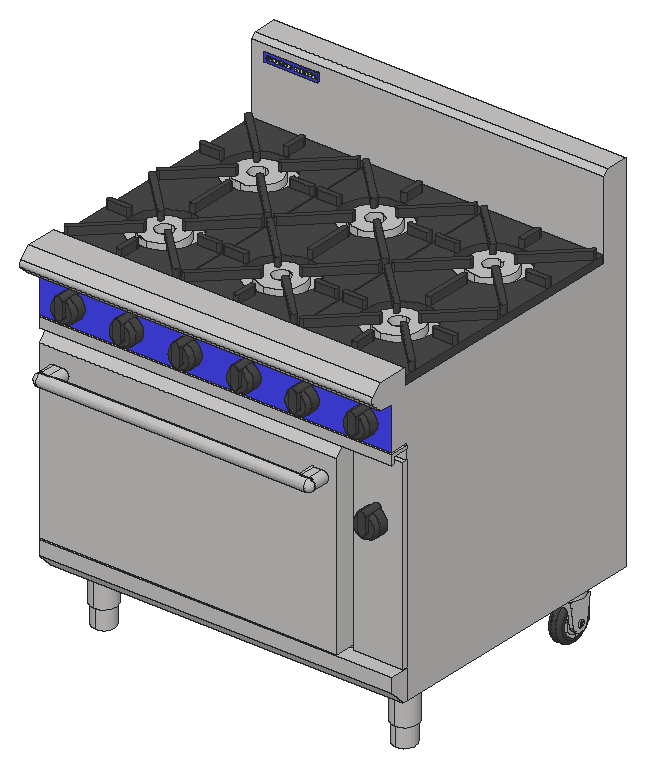
Revit family "QF_MOFFAT_BLUESEAL_CE_G56D", category Specialty Equipment, Revit 2012
Parameters
  Width = 900 mm  # constant formula
  Weight in Pounds = 467
  Watts = 130 W
  Volts = 230 V
  URL Cutsheet = "www.moffat.com"
  URL = "www.moffat.com"
  Type Mark [instance] = ""
  Status [instance] = ""
  Specification by User [instance] = ""
  Specification by Manufacturer = ""
  Show Logo [instance] = yes
  Show Clearance [instance] = yes
  Show Casters [instance] = yes
  Serial Number = ""
  Seismic Rating = ""
  SMACNA No = ""
  Revision Code [instance] = ""
  Phase = 1
  Omniclass Number and Title = ""
  Number of Poles [instance] = 1
  NAFEM Spec ID Number = ""
  Model = "G56D"
  Min Ckt Ampacity = 0 A
  Mechanical Remarks = ""
  Mechanical Connection Type [instance] = ""
  Max Overcurrent Protection = 0 A
  Masterspec = ""
  Manufacturer = "MOFFAT BLUESEAL"
  Legs [instance] = not(Show Casters)  # no
  Item Number [instance] = ""
  Installed By [instance] = ""
  Identify Quantity as Lot [instance] = yes
  Height = 970 mm  # constant formula
  HP = ""
  Gas Size = 3/4"
  Gas RI Height [instance] = 0 mm
  Gas KW = 51
  Gas Input = 174300.0 Btu/h
  Gas Connection Height = 0 mm
  Furnished By [instance] = ""
  Foodservice Equipment Identifier [instance] = yes
  FL Amps = 0.6 A
  Electrical Remarks = ""
  Electric Connection Type = ""
  Elec Conn RI Height = 0 mm
  Elec Conn Connection Height = 0 mm
  Description = "900MM GAS RANGE WITH CONVECTION OVEN"
  Depth = 812 mm  # constant formula
  Cycle = 60 Hz
  Conn Plug = ""
  Conn Conduit = yes
  CSI MasterFormat = ""
  CSI Master Format = ""
  Body Finish = QF_Finishes_Stainless Steel
  Apparent Power = 0 VA
Reference planes
  plane 1 "BACK": y = 0
  plane 2: z = 0
  plane 3 "LEFT": x = 0
  plane 4 "RIGHT": x = 900
  plane 5 "FRONT": y = -812
  plane 6 "TOP": z = 970
  plane 7 "Center Y": x = 450
  plane 8 "Center X": y = -406
  plane 9: x = 280
  plane 10: y = -574.272
  plane 11: x = 60
  plane 12: y = -304.972
  plane 13: y = -364.972
  plane 14: x = 74
  plane 15: y = -812
  plane 16: x = 834.5
  plane 17: y = -32
  plane 18: z = 655
  plane 19: y = -100
  plane 20: z = 1085
  plane 21: y = -705
  plane 22: x = 65.8
  plane 23: x = 534.2
  plane 24: x = 834.2
Forms (mm)
  Extrusion 1, solid, material "QF_Finishes_Stainless Steel" <- "Body Finish"
    sketch origin (0, 0, 0) x (0, 1, 0) y (0, 0, 1)
      loop
        line (0, 150) -> (0, 1085) -> (-57.5, 1085) -> (-70, 1072.5) -> (-70, 875) -> (-705, 875) -> (-705, 915) -> (-783.97, 915) -> (-808.476, 890.494)
        arc (-808.476, 890.494) -> (-811.994, 882) -> (-808.476, 873.506) r 12.013
        line (-808.476, 873.506) -> (-784.97, 850) -> (-749, 850) -> (-749, 740) -> (-699, 740) -> (-699, 150) -> (0, 150)
    from 0 to 900
  Extrusion 2, solid, material "QF_Finishes_Stainless Steel"
    sketch origin (0, 7, 0) x (0, 1, 0) y (0, 0, 1)
      loop
        line (-706, 700) -> (-732, 700) -> (-756, 676) -> (-756, 227.5) -> (-706, 227.5) -> (-706, 700)
    from 0 to 760
  Extrusion 3, solid, material "QF_Finishes_Stainless Steel"
    sketch origin (723.5, 7, 0) x (0, 1, 0) y (0, 0, 1)
      loop
        line (-706, 700) -> (-721, 700) -> (-721, 227.5) -> (-706, 227.5) -> (-706, 700)
    from 51.5 to 176.5
  Revolve 4, solid, material "QF_Finishes_Stainless Steel" <- "Body Finish"
    sketch origin (834.5, -696.126, 0) x (0, 1, 0) y (0, 0, -1)
      loop
        line (39.376, -150) -> (71.126, -150) -> (71.126, 0) -> (43.626, 0) -> (43.626, -50) -> (39.376, -50) -> (39.376, -150)
      axis (71.126, -150) -> (71.126, 0)
    angle from 0 to 360
  Revolve 5, solid, material "QF_Finishes_Stainless Steel" <- "Body Finish"
    sketch origin (65.5, -696.126, 0) x (0, 1, 0) y (0, 0, 1)
      loop
        line (39.376, 150) -> (39.376, 50) -> (43.626, 50) -> (43.626, 0) -> (71.126, 0) -> (71.126, 150) -> (39.376, 150)
      axis (71.126, 150) -> (71.126, 0)
    angle from 0 to 360
  Extrusion 6, solid, material "QF_Finishes_Stainless Steel"
    sketch origin (-64.5, 0, 325) x (1, 0, 0) y (0, 1, 0)
      loop
        circle (834.5, -32) r 10
    from 330 to 371
  Revolve 7, solid, material "QF_Finishes_Black"
    sketch origin (839.351, 45.874, -0.118) x (0, 1, 0) y (0, 0, 1)
      loop
        line (-827.874, 829.5) -> (-838.874, 823.651) -> (-838.874, 797) -> (-794.874, 797) -> (-794.874, 802) -> (-804.874, 802) -> (-804.874, 829.5) -> (-827.874, 829.5)
      axis (-838.874, 797) -> (-794.874, 797)
    angle from 0 to 360
  Revolve 8, solid, material "QF_Finishes_Black"
    sketch origin (689.351, 45.874, -0.118) x (0, 1, 0) y (0, 0, 1)
      loop
        line (-827.874, 829.5) -> (-838.874, 823.651) -> (-838.874, 797) -> (-794.874, 797) -> (-794.874, 802) -> (-804.874, 802) -> (-804.874, 829.5) -> (-827.874, 829.5)
      axis (-838.874, 797) -> (-794.874, 797)
    angle from 0 to 360
  Revolve 9, solid, material "QF_Finishes_Black"
    sketch origin (90.649, 45.874, -0.118) x (0, 1, 0) y (0, 0, -1)
      loop
        line (-827.874, -829.5) -> (-804.874, -829.5) -> (-804.874, -802) -> (-794.874, -802) -> (-794.874, -797) -> (-838.874, -797) -> (-838.874, -823.651) -> (-827.874, -829.5)
      axis (-838.874, -797) -> (-794.874, -797)
    angle from 0 to 360
  Revolve 10, solid, material "QF_Finishes_Black"
    sketch origin (240.649, 45.874, -0.118) x (0, 1, 0) y (0, 0, -1)
      loop
        line (-827.874, -829.5) -> (-804.874, -829.5) -> (-804.874, -802) -> (-794.874, -802) -> (-794.874, -797) -> (-838.874, -797) -> (-838.874, -823.651) -> (-827.874, -829.5)
      axis (-838.874, -797) -> (-794.874, -797)
    angle from 0 to 360
  Revolve 11, solid, material "QF_Finishes_Black"
    sketch origin (390.625, 45.874, -0.118) x (0, 1, 0) y (0, 0, -1)
      loop
        line (-827.874, -829.5) -> (-804.874, -829.5) -> (-804.874, -802) -> (-794.874, -802) -> (-794.874, -797) -> (-838.874, -797) -> (-838.874, -823.651) -> (-827.874, -829.5)
      axis (-838.874, -797) -> (-794.874, -797)
    angle from 0 to 360
  Extrusion 12, solid, material "QF_Finishes_Black"
    sketch origin (238.456, 7, -0.118) x (-1, 0, 0) y (0, 0, -1)
      loop
        arc (158.3, -789) -> (148.3, -779) -> (138.3, -789) r 10
        line (138.3, -789) -> (138.3, -824)
        arc (138.3, -824) -> (148.3, -834) -> (158.3, -824) r 10
        line (158.3, -824) -> (158.3, -789)
    from 759 to 808
  Extrusion 13, solid, material "QF_Finishes_Black"
    sketch origin (388.456, 7, -0.118) x (-1, 0, 0) y (0, 0, -1)
      loop
        arc (158.3, -789) -> (148.3, -779) -> (138.3, -789) r 10
        line (138.3, -789) -> (138.3, -824)
        arc (138.3, -824) -> (148.3, -834) -> (158.3, -824) r 10
        line (158.3, -824) -> (158.3, -789)
    from 759 to 808
  Extrusion 14, solid, material "QF_Finishes_Black"
    sketch origin (691.544, 7, -0.118) x (1, 0, 0) y (0, 0, 1)
      loop
        line (158.3, 789) -> (158.3, 824)
        arc (158.3, 824) -> (148.3, 834) -> (138.3, 824) r 10
        line (138.3, 824) -> (138.3, 789)
        arc (138.3, 789) -> (148.3, 779) -> (158.3, 789) r 10
    from 759 to 808
  Extrusion 15, solid, material "QF_Finishes_Black"
    sketch origin (541.544, 7, -0.118) x (1, 0, 0) y (0, 0, 1)
      loop
        line (158.3, 789) -> (158.3, 824)
        arc (158.3, 824) -> (148.3, 834) -> (138.3, 824) r 10
        line (138.3, 824) -> (138.3, 789)
        arc (138.3, 789) -> (148.3, 779) -> (158.3, 789) r 10
    from 759 to 808
  Extrusion 16, solid, material "QF_Finishes_Black"
    sketch origin (538.432, 7, -0.118) x (-1, 0, 0) y (0, 0, -1)
      loop
        arc (158.3, -789) -> (148.3, -779) -> (138.3, -789) r 10
        line (138.3, -789) -> (138.3, -824)
        arc (138.3, -824) -> (148.3, -834) -> (158.3, -824) r 10
        line (158.3, -824) -> (158.3, -789)
    from 759 to 808
  Extrusion 17, solid, material "QF_Finishes_Black"
    sketch origin (688.432, 7, -0.118) x (-1, 0, 0) y (0, 0, -1)
      loop
        arc (158.3, -789) -> (148.3, -779) -> (138.3, -789) r 10
        line (138.3, -789) -> (138.3, -824)
        arc (138.3, -824) -> (148.3, -834) -> (158.3, -824) r 10
        line (158.3, -824) -> (158.3, -789)
    from 759 to 808
  Revolve 18, solid, material "QF_Finishes_Black"
    sketch origin (836.851, 80.874, -245.743) x (0, 1, 0) y (0, 0, 1)
      loop
        line (-827.874, 829.5) -> (-838.874, 823.651) -> (-838.874, 797) -> (-794.874, 797) -> (-794.874, 802) -> (-804.874, 802) -> (-804.874, 829.5) -> (-827.874, 829.5)
      axis (-838.874, 797) -> (-794.874, 797)
    angle from 0 to 360
  Extrusion 19, solid, material "QF_Finishes_Black"
    sketch origin (689.044, 42, -245.743) x (1, 0, 0) y (0, 0, 1)
      loop
        line (158.3, 789) -> (158.3, 824)
        arc (158.3, 824) -> (148.3, 834) -> (138.3, 824) r 10
        line (138.3, 824) -> (138.3, 789)
        arc (138.3, 789) -> (148.3, 779) -> (158.3, 789) r 10
    from 759 to 808
  Extrusion 20, solid, material "QF_Door-Drawer Clearances", visible <- "Show Clearance", detail levels coarse
    sketch origin (0, 7, 0) x (0, -1, 0) y (0, 0, 1)
      loop
        line (756, 697.347) -> (756, 227.5) -> (1225.847, 227.5)
        arc (1225.847, 227.5) -> (1088.232, 559.732) -> (756, 697.347) r 469.847
    from 0 to -760
  Extrusion 21, void
    sketch origin (0, 0, 220) x (1, 0, 0) y (0, 1, 0)
      loop
        line (824, -87) -> (824, 0) -> (694, 0) -> (694, -39) -> (744, -87) -> (824, -87)
    from 0 to 476
  Revolve 22, solid, material "QF_Finishes_Black"
    sketch origin (540.625, 45.874, -0.118) x (0, 1, 0) y (0, 0, -1)
      loop
        line (-827.874, -829.5) -> (-804.874, -829.5) -> (-804.874, -802) -> (-794.874, -802) -> (-794.874, -797) -> (-838.874, -797) -> (-838.874, -823.651) -> (-827.874, -829.5)
      axis (-838.874, -797) -> (-794.874, -797)
    angle from 0 to 360
  Extrusion 23, solid, material "QF_Finishes_Stainless Steel"
    sketch origin (0, -749, 227.5) x (0, 0, 1) y (-1, 0, 0)
      loop
        line (380.625, -38.246) -> (380.625, -58.528)
        arc (380.625, -58.528) -> (395.625, -73.528) -> (410.625, -58.528) r 15
        line (410.625, -58.528) -> (410.625, -38.246)
        arc (410.625, -38.246) -> (395.625, -23.246) -> (380.625, -38.246) r 15
      loop
        arc (380.625, -723.039) -> (395.625, -738.039) -> (410.625, -723.039) r 15
        line (410.625, -723.039) -> (410.625, -702.757)
        arc (410.625, -702.757) -> (395.625, -687.757) -> (380.625, -702.757) r 15
        line (380.625, -702.757) -> (380.625, -723.039)
    from 0 to 44
  Revolve 24, solid, material "QF_Finishes_Stainless Steel"
    sketch origin (0, -793, 0) x (1, 0, 0) y (0, 0, 1)
      loop
        arc (738.039, 623.125) -> (733.646, 633.732) -> (723.039, 638.125) r 15
        line (723.039, 638.125) -> (38.246, 638.125)
        arc (38.246, 638.125) -> (27.64, 633.732) -> (23.246, 623.125) r 15
        line (23.246, 623.125) -> (738.039, 623.125)
      axis (738.039, 623.125) -> (23.246, 623.125)
    angle from 0 to 360
  Extrusion 25, solid, material "QF_Finishes_Stainless Steel" <- "Body Finish"
    sketch origin (0, 7, 0) x (0, 1, 0) y (0, 0, 1)
      loop
        line (-756, 710) -> (-747.224, 710) -> (-749.613, 726.999) -> (-707.93, 726.999) -> (-707.93, 734.003) -> (-756, 734.003) -> (-756, 710)
    from 0 to 900
  Extrusion 26, solid, material "QF_Finishes_Stainless Steel" <- "Body Finish"
    sketch origin (0, 4.73, 0) x (0, 1, 0) y (0, 0, 1)
      loop
        line (-753.73, 222.5) -> (-753.73, 186) -> (-717.73, 150) -> (-703.73, 150) -> (-703.73, 222.5) -> (-753.73, 222.5)
    from 0 to 900
  Extrusion 27, solid, material "QF_Finishes_Stainless Steel", visible <- "Show Casters"
    sketch origin (71.501, 133.353, -8.783) x (0, 1, 0) y (0, 0, 1)
      loop
        line (-201.603, 118.783) -> (-265.103, 118.783) -> (-252.746, 53.895)
        arc (-252.746, 53.895) -> (-233.353, 38.783) -> (-213.959, 53.895) r 20
        line (-213.959, 53.895) -> (-201.603, 118.783)
    from -35.667 to 22.923
  Revolve 28, solid, material "QF_Finishes_Stainless Steel", visible <- "Show Casters"
    sketch origin (65, -203, 0) x (0, 1, 0) y (0, 0, 1)
      loop
        line (67.25, 150) -> (67.25, 110) -> (103, 110) -> (103, 150) -> (67.25, 150)
      axis (103, 150) -> (103, 110)
    angle from 0 to 360
  Revolve 29, solid, material "QF_Finishes_Stainless Steel", visible <- "Show Casters"
    sketch origin (834.5, -203, 0) x (0, 1, 0) y (0, 0, -1)
      loop
        line (67.25, -150) -> (103, -150) -> (103, -110) -> (67.25, -110) -> (67.25, -150)
      axis (103, -150) -> (103, -110)
    angle from 0 to 360
  Revolve 30, solid, material "QF_Finishes_Stainless Steel", visible <- "Show Casters"
    sketch origin (785.276, -99.755, -13.653) x (1, 0, 0) y (0, 0, 1)
      loop
        line (14.841, 64.453) -> (83.584, 64.453) -> (83.584, 67.958) -> (82.314, 69.228) -> (80.79, 69.228) -> (80.79, 72.674) -> (68.644, 72.674) -> (68.644, 82.639) -> (65.088, 84.692) -> (63.738, 93.028) -> (65.881, 93.028) -> (65.881, 99.378) -> (65.088, 99.378) -> (65.088, 105.728)
        arc (65.088, 105.728) -> (62.298, 112.463) -> (55.563, 115.253) r 9.525
        line (55.563, 115.253) -> (42.863, 115.253)
        arc (42.863, 115.253) -> (36.127, 112.463) -> (33.338, 105.728) r 9.525
        line (33.338, 105.728) -> (33.338, 99.378) -> (32.544, 99.378) -> (32.544, 93.028) -> (34.687, 93.028) -> (33.352, 84.781) -> (29.782, 82.719) -> (29.782, 72.674) -> (17.635, 72.674) -> (17.635, 69.228) -> (16.111, 69.228) -> (14.841, 67.958) -> (14.841, 64.453)
      axis (14.841, 64.453) -> (83.584, 64.453)
    angle from 0 to 360
  Extrusion 31, solid, material "QF_Finishes_Stainless Steel", visible <- "Show Casters"
    sketch origin (841.001, 133.353, -8.783) x (0, 1, 0) y (0, 0, 1)
      loop
        line (-201.603, 118.783) -> (-265.103, 118.783) -> (-252.746, 53.895)
        arc (-252.746, 53.895) -> (-233.353, 38.783) -> (-213.959, 53.895) r 20
        line (-213.959, 53.895) -> (-201.603, 118.783)
    from -35.667 to 22.923
  Revolve 32, solid, material "QF_Finishes_Stainless Steel", visible <- "Legs"
    sketch origin (65, -165, 0) x (0, 1, 0) y (0, 0, 1)
      loop
        line (33.25, 150) -> (33.25, 50) -> (37.5, 50) -> (37.5, 0) -> (65, 0) -> (65, 150) -> (33.25, 150)
      axis (65, 150) -> (65, 0)
    angle from 0 to 360
  Revolve 33, solid, material "QF_Finishes_Stainless Steel", visible <- "Legs"
    sketch origin (834.5, -165, 0) x (0, 1, 0) y (0, 0, -1)
      loop
        line (33.25, -150) -> (65, -150) -> (65, 0) -> (37.5, 0) -> (37.5, -50) -> (33.25, -50) -> (33.25, -150)
      axis (65, -150) -> (65, 0)
    angle from 0 to 360
  Revolve 34, solid, material "QF_Finishes_Stainless Steel", visible <- "Show Casters"
    sketch origin (114.224, -99.755, -13.653) x (-1, 0, 0) y (0, 0, -1)
      loop
        line (14.841, -64.453) -> (14.841, -67.958) -> (16.111, -69.228) -> (17.635, -69.228) -> (17.635, -72.674) -> (29.782, -72.674) -> (29.782, -82.719) -> (33.352, -84.781) -> (34.687, -93.028) -> (32.544, -93.028) -> (32.544, -99.378) -> (33.338, -99.378) -> (33.338, -105.728)
        arc (33.338, -105.728) -> (36.127, -112.463) -> (42.863, -115.253) r 9.525
        line (42.863, -115.253) -> (55.563, -115.253)
        arc (55.563, -115.253) -> (62.298, -112.463) -> (65.088, -105.728) r 9.525
        line (65.088, -105.728) -> (65.088, -99.378) -> (65.881, -99.378) -> (65.881, -93.028) -> (63.738, -93.028) -> (65.088, -84.692) -> (68.644, -82.639) -> (68.644, -72.674) -> (80.79, -72.674) -> (80.79, -69.228) -> (82.314, -69.228) -> (83.584, -67.958) -> (83.584, -64.453) -> (14.841, -64.453)
      axis (14.841, -64.453) -> (83.584, -64.453)
    angle from 0 to 360
  Extrusion 35, solid, material "QF_Finishes_Black"
    sketch origin (0, -70, 875) x (0, -1, 0) y (1, 0, 0)
      loop
        arc (1, 4) -> (1.879, 1.879) -> (4, 1) r 3
        line (4, 1) -> (632, 1)
        arc (632, 1) -> (634.121, 1.879) -> (635, 4) r 3
        line (635, 4) -> (635, 297)
        arc (635, 297) -> (634.121, 299.121) -> (632, 300) r 3
        line (632, 300) -> (4, 300)
        arc (4, 300) -> (1.879, 299.121) -> (1, 297) r 3
        line (1, 297) -> (1, 4)
      loop
        circle (167.5, 150) r 85
      loop
        circle (467.768, 150) r 85
    from 0 to 19.5
  Extrusion 36, solid, material "QF_Finishes_Black"
    sketch origin (0, -73.5, 894.5) x (0, -1, 0) y (1, 0, 0)
      loop
        spline (323.602, 15.153) -> (322.681, 13.924) -> (322.131, 12.47) -> (321.99, 10.89) -> (322.267, 9.292) -> (322.943, 7.786) -> (323.973, 6.473) -> (325.286, 5.443) -> (326.792, 4.767) -> (328.39, 4.49) -> (329.97, 4.631) -> (331.424, 5.181) -> (332.653, 6.102)
        line (332.653, 6.102) -> (440.576, 114.025)
        spline (440.576, 114.025) -> (441.337, 115.095) -> (441.738, 116.399) -> (441.751, 117.851) -> (441.375, 119.35) -> (440.637, 120.795) -> (439.586, 122.086) -> (438.295, 123.137) -> (436.85, 123.875) -> (435.351, 124.251) -> (433.899, 124.238) -> (432.595, 123.837) -> (431.525, 123.076)
        line (431.525, 123.076) -> (323.602, 15.153)
      loop
        spline (371.852, 143.6) -> (373.146, 143.818) -> (374.352, 144.457) -> (375.388, 145.475) -> (376.182, 146.8) -> (376.682, 148.344) -> (376.852, 150) -> (376.682, 151.656) -> (376.182, 153.2) -> (375.388, 154.525) -> (374.352, 155.543) -> (373.146, 156.182) -> (371.852, 156.4)
        line (371.852, 156.4) -> (259.398, 156.4)
        spline (259.398, 156.4) -> (258.104, 156.182) -> (256.898, 155.543) -> (255.862, 154.525) -> (255.068, 153.2) -> (254.568, 151.656) -> (254.398, 150) -> (254.568, 148.344) -> (255.068, 146.8) -> (255.862, 145.475) -> (256.898, 144.457) -> (258.104, 143.818) -> (259.398, 143.6)
        line (259.398, 143.6) -> (371.852, 143.6)
      loop
        line (311.398, 15.153) -> (203.475, 123.076)
        spline (203.475, 123.076) -> (202.405, 123.837) -> (201.101, 124.238) -> (199.649, 124.251) -> (198.15, 123.875) -> (196.705, 123.137) -> (195.414, 122.086) -> (194.363, 120.795) -> (193.625, 119.35) -> (193.249, 117.851) -> (193.262, 116.399) -> (193.663, 115.095) -> (194.424, 114.025)
        line (194.424, 114.025) -> (302.347, 6.102)
        spline (302.347, 6.102) -> (303.416, 5.341) -> (304.721, 4.941) -> (306.172, 4.928) -> (307.671, 5.303) -> (309.116, 6.041) -> (310.408, 7.092) -> (311.459, 8.384) -> (312.197, 9.829) -> (312.572, 11.328) -> (312.559, 12.779) -> (312.159, 14.084) -> (311.398, 15.153)
      loop
        line (323.602, 284.847) -> (431.525, 176.924)
        spline (431.525, 176.924) -> (432.595, 176.163) -> (433.899, 175.762) -> (435.351, 175.749) -> (436.85, 176.125) -> (438.295, 176.863) -> (439.586, 177.914) -> (440.637, 179.205) -> (441.375, 180.65) -> (441.751, 182.149) -> (441.738, 183.601) -> (441.337, 184.905) -> (440.576, 185.975)
        line (440.576, 185.975) -> (332.653, 293.898)
        spline (332.653, 293.898) -> (331.424, 294.819) -> (329.97, 295.369) -> (328.39, 295.51) -> (326.792, 295.233) -> (325.286, 294.557) -> (323.973, 293.527) -> (322.943, 292.214) -> (322.267, 290.708) -> (321.99, 289.11) -> (322.131, 287.53) -> (322.681, 286.076) -> (323.602, 284.847)
      loop
        spline (311.398, 284.847) -> (312.159, 285.916) -> (312.559, 287.221) -> (312.572, 288.672) -> (312.197, 290.171) -> (311.459, 291.616) -> (310.408, 292.908) -> (309.116, 293.959) -> (307.671, 294.697) -> (306.172, 295.072) -> (304.721, 295.059) -> (303.416, 294.659) -> (302.347, 293.898)
        line (302.347, 293.898) -> (194.424, 185.975)
        spline (194.424, 185.975) -> (193.663, 184.905) -> (193.262, 183.601) -> (193.249, 182.149) -> (193.625, 180.65) -> (194.363, 179.205) -> (195.414, 177.914) -> (196.705, 176.863) -> (198.15, 176.125) -> (199.649, 175.749) -> (201.101, 175.762) -> (202.405, 176.163) -> (203.475, 176.924)
        line (203.475, 176.924) -> (311.398, 284.847)
      loop
        spline (73.549, 143.6) -> (74.844, 143.818) -> (76.049, 144.457) -> (77.085, 145.475) -> (77.88, 146.8) -> (78.379, 148.344) -> (78.549, 150) -> (78.379, 151.656) -> (77.88, 153.2) -> (77.085, 154.525) -> (76.049, 155.543) -> (74.844, 156.182) -> (73.549, 156.4)
        line (73.549, 156.4) -> (25.093, 156.4)
        spline (25.093, 156.4) -> (23.799, 156.182) -> (22.593, 155.543) -> (21.558, 154.525) -> (20.763, 153.2) -> (20.264, 151.656) -> (20.093, 150) -> (20.264, 148.344) -> (20.763, 146.8) -> (21.558, 145.475) -> (22.593, 144.457) -> (23.799, 143.818) -> (25.093, 143.6)
        line (25.093, 143.6) -> (73.549, 143.6)
      loop
        spline (608.1, 143.6) -> (609.394, 143.818) -> (610.6, 144.457) -> (611.636, 145.475) -> (612.43, 146.8) -> (612.93, 148.344) -> (613.1, 150) -> (612.93, 151.656) -> (612.43, 153.2) -> (611.636, 154.525) -> (610.6, 155.543) -> (609.394, 156.182) -> (608.1, 156.4)
        line (608.1, 156.4) -> (558.644, 156.4)
        spline (558.644, 156.4) -> (557.35, 156.182) -> (556.144, 155.543) -> (555.108, 154.525) -> (554.314, 153.2) -> (553.814, 151.656) -> (553.644, 150) -> (553.814, 148.344) -> (554.314, 146.8) -> (555.108, 145.475) -> (556.144, 144.457) -> (557.35, 143.818) -> (558.644, 143.6)
        line (558.644, 143.6) -> (608.1, 143.6)
      loop
        spline (457.6, 10.156) -> (457.818, 8.862) -> (458.457, 7.656) -> (459.475, 6.62) -> (460.8, 5.826) -> (462.344, 5.326) -> (464, 5.156) -> (465.656, 5.326) -> (467.2, 5.826) -> (468.525, 6.62) -> (469.543, 7.656) -> (470.182, 8.862) -> (470.4, 10.156)
        line (470.4, 10.156) -> (470.4, 58.612)
        spline (470.4, 58.612) -> (470.182, 59.906) -> (469.543, 61.112) -> (468.525, 62.148) -> (467.2, 62.942) -> (465.656, 63.442) -> (464, 63.612) -> (462.344, 63.442) -> (460.8, 62.942) -> (459.475, 62.148) -> (458.457, 61.112) -> (457.818, 59.906) -> (457.6, 58.612)
        line (457.6, 58.612) -> (457.6, 10.156)
      loop
        spline (160.966, 10.156) -> (161.184, 8.862) -> (161.823, 7.656) -> (162.841, 6.62) -> (164.166, 5.826) -> (165.71, 5.326) -> (167.366, 5.156) -> (169.022, 5.326) -> (170.566, 5.826) -> (171.892, 6.62) -> (172.909, 7.656) -> (173.548, 8.862) -> (173.766, 10.156)
        line (173.766, 10.156) -> (173.766, 58.612)
        spline (173.766, 58.612) -> (173.548, 59.906) -> (172.909, 61.112) -> (171.892, 62.148) -> (170.566, 62.942) -> (169.022, 63.442) -> (167.366, 63.612) -> (165.71, 63.442) -> (164.166, 62.942) -> (162.841, 62.148) -> (161.823, 61.112) -> (161.184, 59.906) -> (160.966, 58.612)
        line (160.966, 58.612) -> (160.966, 10.156)
      loop
        spline (457.6, 241.636) -> (457.818, 240.342) -> (458.457, 239.136) -> (459.475, 238.1) -> (460.8, 237.306) -> (462.344, 236.806) -> (464, 236.636) -> (465.656, 236.806) -> (467.2, 237.306) -> (468.525, 238.1) -> (469.543, 239.136) -> (470.182, 240.342) -> (470.4, 241.636)
        line (470.4, 241.636) -> (470.4, 290.092)
        spline (470.4, 290.092) -> (470.182, 291.386) -> (469.543, 292.592) -> (468.525, 293.628) -> (467.2, 294.422) -> (465.656, 294.922) -> (464, 295.092) -> (462.344, 294.922) -> (460.8, 294.422) -> (459.475, 293.628) -> (458.457, 292.592) -> (457.818, 291.386) -> (457.6, 290.092)
        line (457.6, 290.092) -> (457.6, 241.636)
      loop
        spline (160.966, 241.636) -> (161.184, 240.342) -> (161.823, 239.136) -> (162.841, 238.1) -> (164.166, 237.306) -> (165.71, 236.806) -> (167.366, 236.636) -> (169.022, 236.806) -> (170.566, 237.306) -> (171.892, 238.1) -> (172.909, 239.136) -> (173.548, 240.342) -> (173.766, 241.636)
        line (173.766, 241.636) -> (173.766, 290.092)
        spline (173.766, 290.092) -> (173.548, 291.386) -> (172.909, 292.592) -> (171.892, 293.628) -> (170.566, 294.422) -> (169.022, 294.922) -> (167.366, 295.092) -> (165.71, 294.922) -> (164.166, 294.422) -> (162.841, 293.628) -> (161.823, 292.592) -> (161.184, 291.386) -> (160.966, 290.092)
        line (160.966, 290.092) -> (160.966, 241.636)
      loop
        line (604.398, 15.153) -> (496.475, 123.076)
        spline (496.475, 123.076) -> (495.405, 123.837) -> (494.101, 124.238) -> (492.649, 124.251) -> (491.15, 123.875) -> (489.705, 123.137) -> (488.414, 122.086) -> (487.363, 120.795) -> (486.625, 119.35) -> (486.249, 117.851) -> (486.262, 116.399) -> (486.663, 115.095) -> (487.424, 114.025)
        line (487.424, 114.025) -> (595.347, 6.102)
        spline (595.347, 6.102) -> (596.576, 5.181) -> (598.03, 4.631) -> (599.61, 4.49) -> (601.208, 4.767) -> (602.714, 5.443) -> (604.027, 6.473) -> (605.057, 7.786) -> (605.733, 9.292) -> (606.01, 10.89) -> (605.869, 12.47) -> (605.319, 13.924) -> (604.398, 15.153)
      loop
        spline (604.398, 284.847) -> (605.319, 286.076) -> (605.869, 287.53) -> (606.01, 289.11) -> (605.733, 290.708) -> (605.057, 292.214) -> (604.027, 293.527) -> (602.714, 294.557) -> (601.208, 295.233) -> (599.61, 295.51) -> (598.03, 295.369) -> (596.576, 294.819) -> (595.347, 293.898)
        line (595.347, 293.898) -> (487.424, 185.975)
        spline (487.424, 185.975) -> (486.663, 184.905) -> (486.262, 183.601) -> (486.249, 182.149) -> (486.625, 180.65) -> (487.363, 179.205) -> (488.414, 177.914) -> (489.705, 176.863) -> (491.15, 176.125) -> (492.649, 175.749) -> (494.101, 175.762) -> (495.405, 176.163) -> (496.475, 176.924)
        line (496.475, 176.924) -> (604.398, 284.847)
      loop
        spline (16.602, 15.153) -> (15.841, 14.084) -> (15.441, 12.779) -> (15.428, 11.328) -> (15.803, 9.829) -> (16.541, 8.384) -> (17.592, 7.092) -> (18.884, 6.041) -> (20.329, 5.303) -> (21.828, 4.928) -> (23.279, 4.941) -> (24.584, 5.341) -> (25.653, 6.102)
        line (25.653, 6.102) -> (133.576, 114.025)
        spline (133.576, 114.025) -> (134.337, 115.095) -> (134.738, 116.399) -> (134.751, 117.851) -> (134.375, 119.35) -> (133.637, 120.795) -> (132.586, 122.086) -> (131.295, 123.137) -> (129.85, 123.875) -> (128.351, 124.251) -> (126.899, 124.238) -> (125.595, 123.837) -> (124.525, 123.076)
        line (124.525, 123.076) -> (16.602, 15.153)
      loop
        line (16.602, 284.847) -> (124.525, 176.924)
        spline (124.525, 176.924) -> (125.595, 176.163) -> (126.899, 175.762) -> (128.351, 175.749) -> (129.85, 176.125) -> (131.295, 176.863) -> (132.586, 177.914) -> (133.637, 179.205) -> (134.375, 180.65) -> (134.751, 182.149) -> (134.738, 183.601) -> (134.337, 184.905) -> (133.576, 185.975)
        line (133.576, 185.975) -> (25.653, 293.898)
        spline (25.653, 293.898) -> (24.584, 294.659) -> (23.279, 295.059) -> (21.828, 295.072) -> (20.329, 294.697) -> (18.884, 293.959) -> (17.592, 292.908) -> (16.541, 291.616) -> (15.803, 290.171) -> (15.428, 288.672) -> (15.441, 287.221) -> (15.841, 285.916) -> (16.602, 284.847)
      loop
        line (323.602, 584.847) -> (431.525, 476.924)
        spline (431.525, 476.924) -> (432.595, 476.163) -> (433.899, 475.762) -> (435.351, 475.749) -> (436.85, 476.125) -> (438.295, 476.863) -> (439.586, 477.914) -> (440.637, 479.205) -> (441.375, 480.65) -> (441.751, 482.149) -> (441.738, 483.601) -> (441.337, 484.905) -> (440.576, 485.975)
        line (440.576, 485.975) -> (332.653, 593.898)
        spline (332.653, 593.898) -> (331.424, 594.819) -> (329.97, 595.369) -> (328.39, 595.51) -> (326.792, 595.233) -> (325.286, 594.557) -> (323.973, 593.527) -> (322.943, 592.214) -> (322.267, 590.708) -> (321.99, 589.11) -> (322.131, 587.53) -> (322.681, 586.076) -> (323.602, 584.847)
      loop
        line (371.852, 456.4) -> (259.398, 456.4)
        spline (259.398, 456.4) -> (258.104, 456.182) -> (256.898, 455.543) -> (255.862, 454.525) -> (255.068, 453.2) -> (254.568, 451.656) -> (254.398, 450) -> (254.568, 448.344) -> (255.068, 446.8) -> (255.862, 445.475) -> (256.898, 444.457) -> (258.104, 443.818) -> (259.398, 443.6)
        line (259.398, 443.6) -> (371.852, 443.6)
        spline (371.852, 443.6) -> (373.146, 443.818) -> (374.352, 444.457) -> (375.388, 445.475) -> (376.182, 446.8) -> (376.682, 448.344) -> (376.852, 450) -> (376.682, 451.656) -> (376.182, 453.2) -> (375.388, 454.525) -> (374.352, 455.543) -> (373.146, 456.182) -> (371.852, 456.4)
      loop
        spline (311.398, 584.847) -> (312.159, 585.916) -> (312.559, 587.221) -> (312.572, 588.672) -> (312.197, 590.171) -> (311.459, 591.616) -> (310.408, 592.908) -> (309.116, 593.959) -> (307.671, 594.697) -> (306.172, 595.072) -> (304.721, 595.059) -> (303.416, 594.659) -> (302.347, 593.898)
        line (302.347, 593.898) -> (194.424, 485.975)
        spline (194.424, 485.975) -> (193.663, 484.905) -> (193.262, 483.601) -> (193.249, 482.149) -> (193.625, 480.65) -> (194.363, 479.205) -> (195.414, 477.914) -> (196.705, 476.863) -> (198.15, 476.125) -> (199.649, 475.749) -> (201.101, 475.762) -> (202.405, 476.163) -> (203.475, 476.924)
        line (203.475, 476.924) -> (311.398, 584.847)
      loop
        spline (323.602, 315.153) -> (322.681, 313.924) -> (322.131, 312.47) -> (321.99, 310.89) -> (322.267, 309.292) -> (322.943, 307.786) -> (323.973, 306.473) -> (325.286, 305.443) -> (326.792, 304.767) -> (328.39, 304.49) -> (329.97, 304.631) -> (331.424, 305.181) -> (332.653, 306.102)
        line (332.653, 306.102) -> (440.576, 414.025)
        spline (440.576, 414.025) -> (441.337, 415.095) -> (441.738, 416.399) -> (441.751, 417.851) -> (441.375, 419.35) -> (440.637, 420.795) -> (439.586, 422.086) -> (438.295, 423.137) -> (436.85, 423.875) -> (435.351, 424.251) -> (433.899, 424.238) -> (432.595, 423.837) -> (431.525, 423.076)
        line (431.525, 423.076) -> (323.602, 315.153)
      loop
        line (311.398, 315.153) -> (203.475, 423.076)
        spline (203.475, 423.076) -> (202.405, 423.837) -> (201.101, 424.238) -> (199.649, 424.251) -> (198.15, 423.875) -> (196.705, 423.137) -> (195.414, 422.086) -> (194.363, 420.795) -> (193.625, 419.35) -> (193.249, 417.851) -> (193.262, 416.399) -> (193.663, 415.095) -> (194.424, 414.025)
        line (194.424, 414.025) -> (302.347, 306.102)
        spline (302.347, 306.102) -> (303.416, 305.341) -> (304.721, 304.941) -> (306.172, 304.928) -> (307.671, 305.303) -> (309.116, 306.041) -> (310.408, 307.092) -> (311.459, 308.384) -> (312.197, 309.829) -> (312.572, 311.328) -> (312.559, 312.779) -> (312.159, 314.084) -> (311.398, 315.153)
      loop
        line (73.549, 456.4) -> (25.093, 456.4)
        spline (25.093, 456.4) -> (23.799, 456.182) -> (22.593, 455.543) -> (21.558, 454.525) -> (20.763, 453.2) -> (20.264, 451.656) -> (20.093, 450) -> (20.264, 448.344) -> (20.763, 446.8) -> (21.558, 445.475) -> (22.593, 444.457) -> (23.799, 443.818) -> (25.093, 443.6)
        line (25.093, 443.6) -> (73.549, 443.6)
        spline (73.549, 443.6) -> (74.844, 443.818) -> (76.049, 444.457) -> (77.085, 445.475) -> (77.88, 446.8) -> (78.379, 448.344) -> (78.549, 450) -> (78.379, 451.656) -> (77.88, 453.2) -> (77.085, 454.525) -> (76.049, 455.543) -> (74.844, 456.182) -> (73.549, 456.4)
      loop
        line (608.1, 456.4) -> (558.644, 456.4)
        spline (558.644, 456.4) -> (557.35, 456.182) -> (556.144, 455.543) -> (555.108, 454.525) -> (554.314, 453.2) -> (553.814, 451.656) -> (553.644, 450) -> (553.814, 448.344) -> (554.314, 446.8) -> (555.108, 445.475) -> (556.144, 444.457) -> (557.35, 443.818) -> (558.644, 443.6)
        line (558.644, 443.6) -> (608.1, 443.6)
        spline (608.1, 443.6) -> (609.394, 443.818) -> (610.6, 444.457) -> (611.636, 445.475) -> (612.43, 446.8) -> (612.93, 448.344) -> (613.1, 450) -> (612.93, 451.656) -> (612.43, 453.2) -> (611.636, 454.525) -> (610.6, 455.543) -> (609.394, 456.182) -> (608.1, 456.4)
      loop
        line (457.6, 589.844) -> (457.6, 541.388)
        spline (457.6, 541.388) -> (457.818, 540.094) -> (458.457, 538.888) -> (459.475, 537.852) -> (460.8, 537.058) -> (462.344, 536.558) -> (464, 536.388) -> (465.656, 536.558) -> (467.2, 537.058) -> (468.525, 537.852) -> (469.543, 538.888) -> (470.182, 540.094) -> (470.4, 541.388)
        line (470.4, 541.388) -> (470.4, 589.844)
        spline (470.4, 589.844) -> (470.182, 591.138) -> (469.543, 592.344) -> (468.525, 593.38) -> (467.2, 594.174) -> (465.656, 594.674) -> (464, 594.844) -> (462.344, 594.674) -> (460.8, 594.174) -> (459.475, 593.38) -> (458.457, 592.344) -> (457.818, 591.138) -> (457.6, 589.844)
      loop
        line (160.966, 589.844) -> (160.966, 541.388)
        spline (160.966, 541.388) -> (161.184, 540.094) -> (161.823, 538.888) -> (162.841, 537.852) -> (164.166, 537.058) -> (165.71, 536.558) -> (167.366, 536.388) -> (169.022, 536.558) -> (170.566, 537.058) -> (171.892, 537.852) -> (172.909, 538.888) -> (173.548, 540.094) -> (173.766, 541.388)
        line (173.766, 541.388) -> (173.766, 589.844)
        spline (173.766, 589.844) -> (173.548, 591.138) -> (172.909, 592.344) -> (171.892, 593.38) -> (170.566, 594.174) -> (169.022, 594.674) -> (167.366, 594.844) -> (165.71, 594.674) -> (164.166, 594.174) -> (162.841, 593.38) -> (161.823, 592.344) -> (161.184, 591.138) -> (160.966, 589.844)
      loop
        line (457.6, 358.364) -> (457.6, 309.908)
        spline (457.6, 309.908) -> (457.818, 308.614) -> (458.457, 307.408) -> (459.475, 306.372) -> (460.8, 305.578) -> (462.344, 305.078) -> (464, 304.908) -> (465.656, 305.078) -> (467.2, 305.578) -> (468.525, 306.372) -> (469.543, 307.408) -> (470.182, 308.614) -> (470.4, 309.908)
        line (470.4, 309.908) -> (470.4, 358.364)
        spline (470.4, 358.364) -> (470.182, 359.658) -> (469.543, 360.864) -> (468.525, 361.9) -> (467.2, 362.694) -> (465.656, 363.194) -> (464, 363.364) -> (462.344, 363.194) -> (460.8, 362.694) -> (459.475, 361.9) -> (458.457, 360.864) -> (457.818, 359.658) -> (457.6, 358.364)
      loop
        line (160.966, 358.364) -> (160.966, 309.908)
        spline (160.966, 309.908) -> (161.184, 308.614) -> (161.823, 307.408) -> (162.841, 306.372) -> (164.166, 305.578) -> (165.71, 305.078) -> (167.366, 304.908) -> (169.022, 305.078) -> (170.566, 305.578) -> (171.892, 306.372) -> (172.909, 307.408) -> (173.548, 308.614) -> (173.766, 309.908)
        line (173.766, 309.908) -> (173.766, 358.364)
        spline (173.766, 358.364) -> (173.548, 359.658) -> (172.909, 360.864) -> (171.892, 361.9) -> (170.566, 362.694) -> (169.022, 363.194) -> (167.366, 363.364) -> (165.71, 363.194) -> (164.166, 362.694) -> (162.841, 361.9) -> (161.823, 360.864) -> (161.184, 359.658) -> (160.966, 358.364)
      loop
        spline (604.398, 584.847) -> (605.319, 586.076) -> (605.869, 587.53) -> (606.01, 589.11) -> (605.733, 590.708) -> (605.057, 592.214) -> (604.027, 593.527) -> (602.714, 594.557) -> (601.208, 595.233) -> (599.61, 595.51) -> (598.03, 595.369) -> (596.576, 594.819) -> (595.347, 593.898)
        line (595.347, 593.898) -> (487.424, 485.975)
        spline (487.424, 485.975) -> (486.663, 484.905) -> (486.262, 483.601) -> (486.249, 482.149) -> (486.625, 480.65) -> (487.363, 479.205) -> (488.414, 477.914) -> (489.705, 476.863) -> (491.15, 476.125) -> (492.649, 475.749) -> (494.101, 475.762) -> (495.405, 476.163) -> (496.475, 476.924)
        line (496.475, 476.924) -> (604.398, 584.847)
      loop
        line (604.398, 315.153) -> (496.475, 423.076)
        spline (496.475, 423.076) -> (495.405, 423.837) -> (494.101, 424.238) -> (492.649, 424.251) -> (491.15, 423.875) -> (489.705, 423.137) -> (488.414, 422.086) -> (487.363, 420.795) -> (486.625, 419.35) -> (486.249, 417.851) -> (486.262, 416.399) -> (486.663, 415.095) -> (487.424, 414.025)
        line (487.424, 414.025) -> (595.347, 306.102)
        spline (595.347, 306.102) -> (596.576, 305.181) -> (598.03, 304.631) -> (599.61, 304.49) -> (601.208, 304.767) -> (602.714, 305.443) -> (604.027, 306.473) -> (605.057, 307.786) -> (605.733, 309.292) -> (606.01, 310.89) -> (605.869, 312.47) -> (605.319, 313.924) -> (604.398, 315.153)
      loop
        line (16.602, 584.847) -> (124.525, 476.924)
        spline (124.525, 476.924) -> (125.595, 476.163) -> (126.899, 475.762) -> (128.351, 475.749) -> (129.85, 476.125) -> (131.295, 476.863) -> (132.586, 477.914) -> (133.637, 479.205) -> (134.375, 480.65) -> (134.751, 482.149) -> (134.738, 483.601) -> (134.337, 484.905) -> (133.576, 485.975)
        line (133.576, 485.975) -> (25.653, 593.898)
        spline (25.653, 593.898) -> (24.584, 594.659) -> (23.279, 595.059) -> (21.828, 595.072) -> (20.329, 594.697) -> (18.884, 593.959) -> (17.592, 592.908) -> (16.541, 591.616) -> (15.803, 590.171) -> (15.428, 588.672) -> (15.441, 587.221) -> (15.841, 585.916) -> (16.602, 584.847)
      loop
        spline (16.602, 315.153) -> (15.841, 314.084) -> (15.441, 312.779) -> (15.428, 311.328) -> (15.803, 309.829) -> (16.541, 308.384) -> (17.592, 307.092) -> (18.884, 306.041) -> (20.329, 305.303) -> (21.828, 304.928) -> (23.279, 304.941) -> (24.584, 305.341) -> (25.653, 306.102)
        line (25.653, 306.102) -> (133.576, 414.025)
        spline (133.576, 414.025) -> (134.337, 415.095) -> (134.738, 416.399) -> (134.751, 417.851) -> (134.375, 419.35) -> (133.637, 420.795) -> (132.586, 422.086) -> (131.295, 423.137) -> (129.85, 423.875) -> (128.351, 424.251) -> (126.899, 424.238) -> (125.595, 423.837) -> (124.525, 423.076)
        line (124.525, 423.076) -> (16.602, 315.153)
      loop
        spline (323.602, 617.987) -> (322.681, 616.757) -> (322.131, 615.303) -> (321.99, 613.724) -> (322.267, 612.126) -> (322.943, 610.62) -> (323.973, 609.307) -> (325.286, 608.277) -> (326.792, 607.601) -> (328.39, 607.324) -> (329.97, 607.465) -> (331.424, 608.015) -> (332.653, 608.936)
        line (332.653, 608.936) -> (440.576, 716.859)
        spline (440.576, 716.859) -> (441.337, 717.928) -> (441.738, 719.233) -> (441.751, 720.684) -> (441.375, 722.184) -> (440.637, 723.628) -> (439.586, 724.92) -> (438.295, 725.971) -> (436.85, 726.709) -> (435.351, 727.084) -> (433.899, 727.071) -> (432.595, 726.671) -> (431.525, 725.91)
        line (431.525, 725.91) -> (323.602, 617.987)
      loop
        spline (371.852, 746.434) -> (373.146, 746.652) -> (374.352, 747.291) -> (375.388, 748.308) -> (376.182, 749.634) -> (376.682, 751.177) -> (376.852, 752.834) -> (376.682, 754.49) -> (376.182, 756.034) -> (375.388, 757.359) -> (374.352, 758.376) -> (373.146, 759.016) -> (371.852, 759.234)
        line (371.852, 759.234) -> (259.398, 759.234)
        spline (259.398, 759.234) -> (258.104, 759.016) -> (256.898, 758.376) -> (255.862, 757.359) -> (255.068, 756.034) -> (254.568, 754.49) -> (254.398, 752.834) -> (254.568, 751.177) -> (255.068, 749.634) -> (255.862, 748.308) -> (256.898, 747.291) -> (258.104, 746.652) -> (259.398, 746.434)
        line (259.398, 746.434) -> (371.852, 746.434)
      loop
        line (311.398, 617.987) -> (203.475, 725.91)
        spline (203.475, 725.91) -> (202.405, 726.671) -> (201.101, 727.071) -> (199.649, 727.084) -> (198.15, 726.709) -> (196.705, 725.971) -> (195.414, 724.92) -> (194.363, 723.628) -> (193.625, 722.184) -> (193.249, 720.684) -> (193.262, 719.233) -> (193.663, 717.928) -> (194.424, 716.859)
        line (194.424, 716.859) -> (302.347, 608.936)
        spline (302.347, 608.936) -> (303.416, 608.175) -> (304.721, 607.775) -> (306.172, 607.761) -> (307.671, 608.137) -> (309.116, 608.875) -> (310.408, 609.926) -> (311.459, 611.218) -> (312.197, 612.662) -> (312.572, 614.161) -> (312.559, 615.613) -> (312.159, 616.918) -> (311.398, 617.987)
      loop
        line (323.602, 887.68) -> (431.525, 779.757)
        spline (431.525, 779.757) -> (432.595, 778.997) -> (433.899, 778.596) -> (435.351, 778.583) -> (436.85, 778.958) -> (438.295, 779.697) -> (439.586, 780.747) -> (440.637, 782.039) -> (441.375, 783.484) -> (441.751, 784.983) -> (441.738, 786.434) -> (441.337, 787.739) -> (440.576, 788.808)
        line (440.576, 788.808) -> (332.653, 896.731)
        spline (332.653, 896.731) -> (331.424, 897.653) -> (329.97, 898.202) -> (328.39, 898.344) -> (326.792, 898.067) -> (325.286, 897.39) -> (323.973, 896.361) -> (322.943, 895.048) -> (322.267, 893.541) -> (321.99, 891.944) -> (322.131, 890.364) -> (322.681, 888.91) -> (323.602, 887.68)
      loop
        spline (311.398, 887.68) -> (312.159, 888.75) -> (312.559, 890.055) -> (312.572, 891.506) -> (312.197, 893.005) -> (311.459, 894.45) -> (310.408, 895.741) -> (309.116, 896.792) -> (307.671, 897.531) -> (306.172, 897.906) -> (304.721, 897.893) -> (303.416, 897.492) -> (302.347, 896.731)
        line (302.347, 896.731) -> (194.424, 788.808)
        spline (194.424, 788.808) -> (193.663, 787.739) -> (193.262, 786.434) -> (193.249, 784.983) -> (193.625, 783.484) -> (194.363, 782.039) -> (195.414, 780.747) -> (196.705, 779.697) -> (198.15, 778.958) -> (199.649, 778.583) -> (201.101, 778.596) -> (202.405, 778.997) -> (203.475, 779.757)
        line (203.475, 779.757) -> (311.398, 887.68)
      loop
        spline (73.549, 746.434) -> (74.844, 746.652) -> (76.049, 747.291) -> (77.085, 748.308) -> (77.88, 749.634) -> (78.379, 751.177) -> (78.549, 752.834) -> (78.379, 754.49) -> (77.88, 756.034) -> (77.085, 757.359) -> (76.049, 758.376) -> (74.844, 759.016) -> (73.549, 759.234)
        line (73.549, 759.234) -> (25.093, 759.234)
        spline (25.093, 759.234) -> (23.799, 759.016) -> (22.593, 758.376) -> (21.558, 757.359) -> (20.763, 756.034) -> (20.264, 754.49) -> (20.093, 752.834) -> (20.264, 751.177) -> (20.763, 749.634) -> (21.558, 748.308) -> (22.593, 747.291) -> (23.799, 746.652) -> (25.093, 746.434)
        line (25.093, 746.434) -> (73.549, 746.434)
      loop
        spline (608.1, 746.434) -> (609.394, 746.652) -> (610.6, 747.291) -> (611.636, 748.308) -> (612.43, 749.634) -> (612.93, 751.177) -> (613.1, 752.834) -> (612.93, 754.49) -> (612.43, 756.034) -> (611.636, 757.359) -> (610.6, 758.376) -> (609.394, 759.016) -> (608.1, 759.234)
        line (608.1, 759.234) -> (558.644, 759.234)
        spline (558.644, 759.234) -> (557.35, 759.016) -> (556.144, 758.376) -> (555.108, 757.359) -> (554.314, 756.034) -> (553.814, 754.49) -> (553.644, 752.834) -> (553.814, 751.177) -> (554.314, 749.634) -> (555.108, 748.308) -> (556.144, 747.291) -> (557.35, 746.652) -> (558.644, 746.434)
        line (558.644, 746.434) -> (608.1, 746.434)
      loop
        spline (457.6, 612.99) -> (457.818, 611.696) -> (458.457, 610.49) -> (459.475, 609.454) -> (460.8, 608.66) -> (462.344, 608.16) -> (464, 607.99) -> (465.656, 608.16) -> (467.2, 608.66) -> (468.525, 609.454) -> (469.543, 610.49) -> (470.182, 611.696) -> (470.4, 612.99)
        line (470.4, 612.99) -> (470.4, 661.446)
        spline (470.4, 661.446) -> (470.182, 662.74) -> (469.543, 663.946) -> (468.525, 664.981) -> (467.2, 665.776) -> (465.656, 666.275) -> (464, 666.446) -> (462.344, 666.275) -> (460.8, 665.776) -> (459.475, 664.981) -> (458.457, 663.946) -> (457.818, 662.74) -> (457.6, 661.446)
        line (457.6, 661.446) -> (457.6, 612.99)
      loop
        spline (160.966, 612.99) -> (161.184, 611.696) -> (161.823, 610.49) -> (162.841, 609.454) -> (164.166, 608.66) -> (165.71, 608.16) -> (167.366, 607.99) -> (169.022, 608.16) -> (170.566, 608.66) -> (171.892, 609.454) -> (172.909, 610.49) -> (173.548, 611.696) -> (173.766, 612.99)
        line (173.766, 612.99) -> (173.766, 661.446)
        spline (173.766, 661.446) -> (173.548, 662.74) -> (172.909, 663.946) -> (171.892, 664.981) -> (170.566, 665.776) -> (169.022, 666.275) -> (167.366, 666.446) -> (165.71, 666.275) -> (164.166, 665.776) -> (162.841, 664.981) -> (161.823, 663.946) -> (161.184, 662.74) -> (160.966, 661.446)
        line (160.966, 661.446) -> (160.966, 612.99)
      loop
        spline (457.6, 844.47) -> (457.818, 843.176) -> (458.457, 841.97) -> (459.475, 840.934) -> (460.8, 840.14) -> (462.344, 839.64) -> (464, 839.47) -> (465.656, 839.64) -> (467.2, 840.14) -> (468.525, 840.934) -> (469.543, 841.97) -> (470.182, 843.176) -> (470.4, 844.47)
        line (470.4, 844.47) -> (470.4, 892.926)
        spline (470.4, 892.926) -> (470.182, 894.22) -> (469.543, 895.426) -> (468.525, 896.461) -> (467.2, 897.256) -> (465.656, 897.755) -> (464, 897.926) -> (462.344, 897.755) -> (460.8, 897.256) -> (459.475, 896.461) -> (458.457, 895.426) -> (457.818, 894.22) -> (457.6, 892.926)
        line (457.6, 892.926) -> (457.6, 844.47)
      loop
        spline (160.966, 844.47) -> (161.184, 843.176) -> (161.823, 841.97) -> (162.841, 840.934) -> (164.166, 840.14) -> (165.71, 839.64) -> (167.366, 839.47) -> (169.022, 839.64) -> (170.566, 840.14) -> (171.892, 840.934) -> (172.909, 841.97) -> (173.548, 843.176) -> (173.766, 844.47)
        line (173.766, 844.47) -> (173.766, 892.926)
        spline (173.766, 892.926) -> (173.548, 894.22) -> (172.909, 895.426) -> (171.892, 896.461) -> (170.566, 897.256) -> (169.022, 897.755) -> (167.366, 897.926) -> (165.71, 897.755) -> (164.166, 897.256) -> (162.841, 896.461) -> (161.823, 895.426) -> (161.184, 894.22) -> (160.966, 892.926)
        line (160.966, 892.926) -> (160.966, 844.47)
      loop
        line (604.398, 617.987) -> (496.475, 725.91)
        spline (496.475, 725.91) -> (495.405, 726.671) -> (494.101, 727.071) -> (492.649, 727.084) -> (491.15, 726.709) -> (489.705, 725.971) -> (488.414, 724.92) -> (487.363, 723.628) -> (486.625, 722.184) -> (486.249, 720.684) -> (486.262, 719.233) -> (486.663, 717.928) -> (487.424, 716.859)
        line (487.424, 716.859) -> (595.347, 608.936)
        spline (595.347, 608.936) -> (596.576, 608.015) -> (598.03, 607.465) -> (599.61, 607.324) -> (601.208, 607.601) -> (602.714, 608.277) -> (604.027, 609.307) -> (605.057, 610.62) -> (605.733, 612.126) -> (606.01, 613.724) -> (605.869, 615.303) -> (605.319, 616.757) -> (604.398, 617.987)
      loop
        spline (604.398, 887.68) -> (605.319, 888.91) -> (605.869, 890.364) -> (606.01, 891.944) -> (605.733, 893.541) -> (605.057, 895.048) -> (604.027, 896.361) -> (602.714, 897.39) -> (601.208, 898.067) -> (599.61, 898.344) -> (598.03, 898.202) -> (596.576, 897.653) -> (595.347, 896.731)
        line (595.347, 896.731) -> (487.424, 788.808)
        spline (487.424, 788.808) -> (486.663, 787.739) -> (486.262, 786.434) -> (486.249, 784.983) -> (486.625, 783.484) -> (487.363, 782.039) -> (488.414, 780.747) -> (489.705, 779.697) -> (491.15, 778.958) -> (492.649, 778.583) -> (494.101, 778.596) -> (495.405, 778.997) -> (496.475, 779.757)
        line (496.475, 779.757) -> (604.398, 887.68)
      loop
        spline (16.602, 617.987) -> (15.841, 616.918) -> (15.441, 615.613) -> (15.428, 614.161) -> (15.803, 612.662) -> (16.541, 611.218) -> (17.592, 609.926) -> (18.884, 608.875) -> (20.329, 608.137) -> (21.828, 607.761) -> (23.279, 607.775) -> (24.584, 608.175) -> (25.653, 608.936)
        line (25.653, 608.936) -> (133.576, 716.859)
        spline (133.576, 716.859) -> (134.337, 717.928) -> (134.738, 719.233) -> (134.751, 720.684) -> (134.375, 722.184) -> (133.637, 723.628) -> (132.586, 724.92) -> (131.295, 725.971) -> (129.85, 726.709) -> (128.351, 727.084) -> (126.899, 727.071) -> (125.595, 726.671) -> (124.525, 725.91)
        line (124.525, 725.91) -> (16.602, 617.987)
      loop
        line (16.602, 887.68) -> (124.525, 779.757)
        spline (124.525, 779.757) -> (125.595, 778.997) -> (126.899, 778.596) -> (128.351, 778.583) -> (129.85, 778.958) -> (131.295, 779.697) -> (132.586, 780.747) -> (133.637, 782.039) -> (134.375, 783.484) -> (134.751, 784.983) -> (134.738, 786.434) -> (134.337, 787.739) -> (133.576, 788.808)
        line (133.576, 788.808) -> (25.653, 896.731)
        spline (25.653, 896.731) -> (24.584, 897.492) -> (23.279, 897.893) -> (21.828, 897.906) -> (20.329, 897.531) -> (18.884, 896.792) -> (17.592, 895.741) -> (16.541, 894.45) -> (15.803, 893.005) -> (15.428, 891.506) -> (15.441, 890.055) -> (15.841, 888.75) -> (16.602, 887.68)
    from 0 to 20.5
  Extrusion 37, solid, material "QF_Finishes_Stainless Steel"
    sketch origin (0, -70, 875) x (0, -1, 0) y (1, 0, 0)
      loop
        circle (467.5, 150) r 57
      loop
        circle (167.5, 150) r 57
      loop
        circle (467.5, 150) r 22
      loop
        circle (167.5, 150) r 22
      loop
        circle (467.5, 750) r 57
      loop
        circle (167.5, 750) r 57
      loop
        circle (467.5, 750) r 22
      loop
        circle (167.5, 750) r 22
      loop
        circle (467.5, 450) r 57
      loop
        circle (167.5, 450) r 57
      loop
        circle (467.5, 450) r 22
      loop
        circle (167.5, 450) r 22
    from 0 to 19.5
  Extrusion 38, solid, material "QF_Finishes_Black"
    sketch origin (600, -70, 875) x (0, -1, 0) y (1, 0, 0)
      loop
        line (1, -1.583) -> (1, -297)
        arc (1, -297) -> (1.879, -299.121) -> (4, -300) r 3
        line (4, -300) -> (632, -300)
        arc (632, -300) -> (634.121, -299.121) -> (635, -297) r 3
        line (635, -297) -> (635, -1.583)
        arc (635, -1.583) -> (634.121, 0.538) -> (632, 1.417) r 3
        line (632, 1.417) -> (4, 1.417)
        arc (4, 1.417) -> (1.879, 0.538) -> (1, -1.583) r 3
      loop
        circle (167.5, -150) r 85
      loop
        circle (467.768, -150) r 85
    from 0 to 19.5
  Extrusion 39, solid, material "QF_Finishes_Black"
    sketch origin (900, -70, 875) x (0, -1, 0) y (1, 0, 0)
      loop
        line (1, -3) -> (1, -295.583)
        arc (1, -295.583) -> (1.879, -297.704) -> (4, -298.583) r 3
        line (4, -298.583) -> (632, -298.583)
        arc (632, -298.583) -> (634.121, -297.704) -> (635, -295.583) r 3
        line (635, -295.583) -> (635, -3)
        arc (635, -3) -> (634.121, -0.879) -> (632, 0) r 3
        line (632, 0) -> (4, 0)
        arc (4, 0) -> (1.879, -0.879) -> (1, -3) r 3
      loop
        circle (167.5, -150) r 85
      loop
        circle (467.768, -150) r 85
    from 0 to 19.5
  Extrusion 40, solid, material "QF_Finishes_Stainless Steel"
    sketch origin (0, 0, 0) x (1, 0, 0) y (0, 1, 0)
      loop
        circle (826, -501) r 6.35
    from 150 to 147.817
Cuts and joins
  Extrusion 21 cuts Extrusion 1
Lines and regions (mm)
  Split face 1
    outline origin (900, 0, 1085) x (-1, 0, 0) y (0, -1, 0)
      loop
        arc (867.206, 18.385) -> (875.866, 23.385) -> (875.866, 33.385) r 10
        line (875.866, 33.385) -> (871.824, 40.385)
        arc (871.824, 40.385) -> (868.164, 44.045) -> (863.164, 45.385) r 10
        line (863.164, 45.385) -> (635.206, 45.385)
        arc (635.206, 45.385) -> (626.545, 40.385) -> (626.545, 30.385) r 10
        line (626.545, 30.385) -> (630.587, 23.385)
        arc (630.587, 23.385) -> (634.247, 19.725) -> (639.247, 18.385) r 10
        line (639.247, 18.385) -> (867.206, 18.385)
  Split face 2
    outline origin (900, 0, 1085) x (-1, 0, 0) y (0, -1, 0)
      loop
        arc (567.206, 18.385) -> (575.866, 23.385) -> (575.866, 33.385) r 10
        line (575.866, 33.385) -> (571.824, 40.385)
        arc (571.824, 40.385) -> (568.164, 44.045) -> (563.164, 45.385) r 10
        line (563.164, 45.385) -> (335.206, 45.385)
        arc (335.206, 45.385) -> (326.545, 40.385) -> (326.545, 30.385) r 10
        line (326.545, 30.385) -> (330.587, 23.385)
        arc (330.587, 23.385) -> (334.247, 19.725) -> (339.247, 18.385) r 10
        line (339.247, 18.385) -> (567.206, 18.385)
  Split face 3
    outline origin (900, 0, 1085) x (-1, 0, 0) y (0, -1, 0)
      loop
        arc (35.206, 45.385) -> (26.545, 40.385) -> (26.545, 30.385) r 10
        line (26.545, 30.385) -> (30.587, 23.385)
        arc (30.587, 23.385) -> (34.247, 19.725) -> (39.247, 18.385) r 10
        line (39.247, 18.385) -> (267.206, 18.385)
        arc (267.206, 18.385) -> (275.866, 23.385) -> (275.866, 33.385) r 10
        line (275.866, 33.385) -> (271.824, 40.385)
        arc (271.824, 40.385) -> (268.164, 44.045) -> (263.164, 45.385) r 10
        line (263.164, 45.385) -> (35.206, 45.385)
  symbolic lines
    curve 1: line (0, 0, 0) -> (0, -812, 0)
    curve 2: line (900, 0, 0) -> (0, 0, 0)
    curve 3: line (900, -812, 0) -> (900, 0, 0)
    curve 4: line (0, -70, 0) -> (900, -70, 0)
    curve 5: line (900, -812, 0) -> (0, -812, 0)
    curve 6: line (900, -705, 0) -> (0, -705, 0)
    curve 7: line (0, -701.7, 0) -> (900, -701.7, 0)
    curve 8: line (900, -72.734, 0) -> (0, -72.734, 0)
    curve 9: arc (22.65, -812, 0) -> (34.104, -822.278, 0) -> (48.889, -826.544, 0) r 34.455
    curve 10: line (48.889, -826.544, 0) -> (721.858, -826.544, 0)
    curve 11: arc (721.858, -826.544, 0) -> (736.403, -822.647, 0) -> (747.05, -812, 0) r 29.089
    curve 15: line (300, -72.734, 0) -> (300, -701.7, 0)
    curve 16: line (601.417, -72.734, 0) -> (601.417, -701.7, 0)
    curve 17: line (0, -391, 0) -> (900, -391, 0)
    curve 18: line (149.988, -331.778, 0) -> (149.988, -448.358, 0)
    curve 19: line (150.034, -681.268, 0) -> (150.034, -628.558, 0)
    curve 20: line (9.26, -537.634, 0) -> (59.26, -537.634, 0)
    curve 21: line (178.593, -512.407, 0) -> (291.73, -399.27, 0)
    curve 22: line (291.767, -537.634, 0) -> (240.041, -537.634, 0)
    curve 23: arc (150, -480.5, 150) -> (207, -537.5, 150) -> (150, -594.5, 150) r 57
    curve 24: arc (150, -594.5, 150) -> (93, -537.5, 150) -> (150, -480.5, 150) r 57
    curve 25: arc (150, -622.768, 150) -> (235, -537.768, 150) -> (150, -452.768, 150) r 85
    curve 26: arc (150, -452.768, 150) -> (65, -537.768, 150) -> (150, -622.768, 150) r 85
    curve 27: arc (150, -515.5, 150) -> (128, -537.5, 150) -> (150, -559.5, 150) r 22
    curve 28: arc (150, -559.5, 150) -> (172, -537.5, 150) -> (150, -515.5, 150) r 22
    curve 29: line (121.407, -512.407, 0) -> (8.27, -399.27, 0)
    curve 30: line (178.593, -562.593, 0) -> (291.73, -675.73, 0)
    curve 31: line (121.407, -562.593, 0) -> (8.27, -675.73, 0)
    curve 32: line (150.034, -96.281, 0) -> (150.034, -149.16, 0)
    curve 33: line (178.593, -269.593, 0) -> (291.73, -382.73, 0)
    curve 34: line (121.407, -269.593, 0) -> (8.27, -382.73, 0)
    curve 35: line (9.26, -241, 0) -> (59.26, -241, 0)
    curve 36: line (291.767, -241, 0) -> (240.041, -241, 0)
    curve 37: arc (150, -322.5, 150) -> (235, -237.5, 150) -> (150, -152.5, 150) r 85
    curve 38: arc (150, -152.5, 150) -> (65, -237.5, 150) -> (150, -322.5, 150) r 85
    curve 39: arc (150, -180.5, 150) -> (207, -237.5, 150) -> (150, -294.5, 150) r 57
    curve 40: arc (150, -294.5, 150) -> (93, -237.5, 150) -> (150, -180.5, 150) r 57
    curve 41: arc (150, -259.5, 150) -> (172, -237.5, 150) -> (150, -215.5, 150) r 22
    curve 42: arc (150, -215.5, 150) -> (128, -237.5, 150) -> (150, -259.5, 150) r 22
    curve 43: line (178.593, -205.407, 0) -> (291.73, -92.27, 0)
    curve 44: line (121.407, -205.407, 0) -> (8.27, -92.27, 0)
    curve 45: arc (450, -480.5, 150) -> (507, -537.5, 150) -> (450, -594.5, 150) r 57
    curve 46: arc (450, -594.5, 150) -> (393, -537.5, 150) -> (450, -480.5, 150) r 57
    curve 47: arc (450, -515.5, 150) -> (428, -537.5, 150) -> (450, -559.5, 150) r 22
    curve 48: arc (450, -559.5, 150) -> (472, -537.5, 150) -> (450, -515.5, 150) r 22
    curve 49: arc (750, -480.5, 150) -> (807, -537.5, 150) -> (750, -594.5, 150) r 57
    curve 50: arc (750, -594.5, 150) -> (693, -537.5, 150) -> (750, -480.5, 150) r 57
    curve 51: arc (750, -515.5, 150) -> (728, -537.5, 150) -> (750, -559.5, 150) r 22
    curve 52: arc (750, -559.5, 150) -> (772, -537.5, 150) -> (750, -515.5, 150) r 22
    curve 53: arc (750, -622.768, 150) -> (665, -537.768, 150) -> (750, -452.768, 150) r 85
    curve 54: arc (750, -452.768, 150) -> (835, -537.768, 150) -> (750, -622.768, 150) r 85
    curve 55: arc (750, -322.5, 150) -> (665, -237.5, 150) -> (750, -152.5, 150) r 85
    curve 56: arc (750, -152.5, 150) -> (835, -237.5, 150) -> (750, -322.5, 150) r 85
    curve 57: arc (750, -180.5, 150) -> (693, -237.5, 150) -> (750, -294.5, 150) r 57
    curve 58: arc (750, -294.5, 150) -> (807, -237.5, 150) -> (750, -180.5, 150) r 57
    curve 59: arc (750, -259.5, 150) -> (728, -237.5, 150) -> (750, -215.5, 150) r 22
    curve 60: arc (750, -215.5, 150) -> (772, -237.5, 150) -> (750, -259.5, 150) r 22
    curve 61: arc (450, -622.768, 150) -> (365, -537.768, 150) -> (450, -452.768, 150) r 85
    curve 62: arc (450, -452.768, 150) -> (535, -537.768, 150) -> (450, -622.768, 150) r 85
    curve 63: arc (450, -322.5, 150) -> (365, -237.5, 150) -> (450, -152.5, 150) r 85
    curve 64: arc (450, -152.5, 150) -> (535, -237.5, 150) -> (450, -322.5, 150) r 85
    curve 65: arc (450, -180.5, 150) -> (393, -237.5, 150) -> (450, -294.5, 150) r 57
    curve 66: arc (450, -294.5, 150) -> (507, -237.5, 150) -> (450, -180.5, 150) r 57
    curve 67: arc (450, -259.5, 150) -> (428, -237.5, 150) -> (450, -215.5, 150) r 22
    curve 68: arc (450, -215.5, 150) -> (472, -237.5, 150) -> (450, -259.5, 150) r 22
    curve 69: line (449.988, -331.778, 0) -> (449.988, -448.358, 0)
    curve 70: line (450.034, -681.268, 0) -> (450.034, -628.558, 0)
    curve 71: line (309.26, -537.634, 0) -> (359.26, -537.634, 0)
    curve 72: line (478.593, -512.407, 0) -> (591.73, -399.27, 0)
    curve 73: line (591.767, -537.634, 0) -> (540.041, -537.634, 0)
    curve 74: line (421.407, -512.407, 0) -> (308.27, -399.27, 0)
    curve 75: line (478.593, -562.593, 0) -> (591.73, -675.73, 0)
    curve 76: line (421.407, -562.593, 0) -> (308.27, -675.73, 0)
    curve 77: line (450.034, -96.281, 0) -> (450.034, -149.16, 0)
